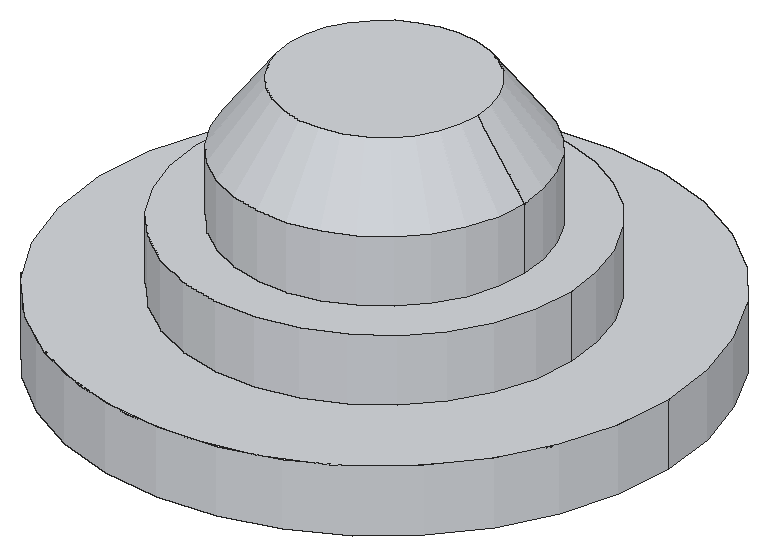
Revit family "c58e077853da456eab3a5dc5bb1b82de", category Fire Alarm Devices, host Face, Revit 2021
Family settings
  Host = Face
  Maintain Annotation Orientation = No
  Round Connector Dimension = Use Diameter
  Part Type = Normal
  OmniClass Number = 23.85.30.21.11.11
  OmniClass Title = Fire/Smoke Detectors
  Seek Item ID = Heat Detector - Line Type-0000-USA-ENU
  Cut with Voids When Loaded = No
  Shared = No
  Room Calculation Point = No
Parameters (values of type "Standard")
  Radius 2 = 0' - 0 3/4"
  Radius 3 = 0' - 1 1/8"
  Radius 1 = 0' - 1 1/2"
  Radius = Diameter * 0.5  # 0' - 2.2793"
  Diameter = 0' - 4 143/256"
  Detector Material = none
  Length 3 = 0' - 0 1/2"
  Length 2 = 0' - 0 1/2"
  Length 1 = 0' - 0 1/2"
  Length = 0' - 2"
  Default Elevation = 4' - 0"
Reference planes (in)
  plane 1 "Center (Front/Back)": y = 0
  plane 2: z = 0
  plane 3 "Center (Left/Right)": x = 0
  plane 4: z = 0.5
  plane 5: z = 2
  plane 6: z = 1.5
  plane 7: z = 1
Forms (in)
  Extrusion 1, solid, material <- "Detector Material"
    sketch origin (0, 0, 0) x (1, 0, 0) y (0, 1, 0)
      loop
        circle (0, 0) r 2.2793
    from 0 to 0.5
  Extrusion 2, solid, material <- "Detector Material"
    sketch origin (0, 0, 0) x (1, 0, 0) y (0, 1, 0)
      loop
        circle (0, 0) r 1.5
    from 0.5 to 1
  Blend 3, solid, material <- "Detector Material"
    base sketch origin (0, 0, 0) x (1, 0, 0) y (0, 1, 0)
      loop
        circle (0, 0) r 1.125
    top sketch origin (0, 0, 0) x (1, 0, 0) y (0, 1, 0)
      loop
        circle (0, 0) r 0.75
    from 1.5 to 2
  Extrusion 4, solid, material <- "Detector Material"
    sketch origin (0, 0, 0) x (1, 0, 0) y (0, 1, 0)
      loop
        circle (0, 0) r 1.125
    from 1 to 1.5
Cuts and joins
  joined: Extrusion 1, Extrusion 2, Blend 3, Extrusion 4
Lines and regions (in)
  symbolic lines, detail levels fine
    curve 1: arc (-2.2793, 0, 0) -> (0, -2.2793, 0) -> (2.2793, 0, 0) r 2.2793
    curve 2: arc (2.2793, 0, 0) -> (0, 2.2793, 0) -> (-2.2793, 0, 0) r 2.2793
    curve 3: arc (1.5, 0, 0) -> (0, 1.5, 0) -> (-1.5, 0, 0) r 1.5
    curve 4: arc (-1.5, 0, 0) -> (0, -1.5, 0) -> (1.5, 0, 0) r 1.5
    curve 5: arc (-1.125, 0, 0) -> (0, -1.125, 0) -> (1.125, 0, 0) r 1.125
    curve 6: arc (1.125, 0, 0) -> (0, 1.125, 0) -> (-1.125, 0, 0) r 1.125
    curve 7: arc (0.75, 0, 0) -> (0, 0.75, 0) -> (-0.75, 0, 0) r 0.75
    curve 8: arc (-0.75, 0, 0) -> (0, -0.75, 0) -> (0.75, 0, 0) r 0.75
Dimensions and locks (in)
  "Length 1": plane 4 to level
  "Length": plane 5 to level
  "Length 2": plane 7 to plane 4
  "Length 3": plane 6 to plane 7
  "Radius": radius of Extrusion 1 sketch curve
  "Radius 1": radius of Extrusion 2 sketch curve
  "Radius 3": radius of Blend 3 sketch curve
  "Radius 2": radius of Blend 3 sketch curve
  "Radius 3": radius of Extrusion 4 sketch curve
  aligned and locked: plane 2 to host face
  aligned and locked: level to host face
  aligned and locked: Extrusion 1 to plane 2
  aligned and locked: plane 4 to Extrusion 1
  aligned and locked: Extrusion 2 to plane 4
  aligned and locked: plane 1 "Center (Front/Back)" to Blend 3 sketch curve  (x2)
  aligned and locked: plane 3 "Center (Left/Right)" to Blend 3 sketch curve  (x2)
  aligned and locked: plane 5 to Blend 3
  aligned and locked: Blend 3 to plane 6
  aligned and locked: Blend 3 to plane 5
  aligned and locked: plane 1 "Center (Front/Back)" to Extrusion 1 sketch curve
  aligned and locked: plane 3 "Center (Left/Right)" to Extrusion 1 sketch curve
  aligned and locked: plane 1 "Center (Front/Back)" to Extrusion 2 sketch curve
  aligned and locked: plane 3 "Center (Left/Right)" to Extrusion 2 sketch curve
  aligned and locked: plane 1 "Center (Front/Back)" to Extrusion 4 sketch curve
  aligned and locked: plane 3 "Center (Left/Right)" to Extrusion 4 sketch curve
  aligned and locked: plane 6 to Extrusion 4
  aligned and locked: plane 7 to cut or joined group of Extrusion 1, Extrusion 2, Blend 3, Extrusion 4  (x2)
  aligned and locked: cut or joined group of Extrusion 1, Extrusion 2, Blend 3, Extrusion 4 to plane 7
  aligned and locked: curve 1 to cut or joined group of Extrusion 1, Extrusion 2, Blend 3, Extrusion 4
  aligned and locked: curve 2 to cut or joined group of Extrusion 1, Extrusion 2, Blend 3, Extrusion 4
  aligned and locked: curve 3 to cut or joined group of Extrusion 1, Extrusion 2, Blend 3, Extrusion 4
  aligned and locked: curve 4 to cut or joined group of Extrusion 1, Extrusion 2, Blend 3, Extrusion 4
  aligned and locked: curve 5 to cut or joined group of Extrusion 1, Extrusion 2, Blend 3, Extrusion 4
  aligned and locked: curve 6 to cut or joined group of Extrusion 1, Extrusion 2, Blend 3, Extrusion 4
  aligned and locked: curve 7 to cut or joined group of Extrusion 1, Extrusion 2, Blend 3, Extrusion 4
  aligned and locked: curve 8 to cut or joined group of Extrusion 1, Extrusion 2, Blend 3, Extrusion 4
  aligned and locked: plane 1 "Center (Front/Back)" to nested 1
  aligned and locked: plane 3 "Center (Left/Right)" to nested 1
Automatic sketch dimensions
  host sketch curve to host sketch curve = 8' - 0"  (x2)
Nested families (in)
  nested 1: "Heat Detector - Line Type Annotation" at (0, 0, 0), type "Heat Detector - Line Type Annotation", detail levels coarse+medium
Connectors (in)
  electrical at (0, 0, 0)
    settings: on Extrusion 1, index 1, voltage 0 V, apparent load 0 VA, apparent load phase1 0 VA, apparent load phase2 0 VA, apparent load phase3 0 VA, power factor 1, load classification "Other", number of poles 1, system type 11, power factor state 1, is connector primary yes, connector utility no, sub classification motor no, connector description ""
Definition of nested family "Heat Detector - Line Type Annotation"
  Parameters
    Label Annotation = ""
  Reference planes (in)
    plane 1: y = 0
    plane 2: x = 0
  Lines and regions (in)
    Filled region 1, type "Filled region 1"
      outline origin (0, 0, 0) x (1, 0, 0) y (0, 1, 0)
        loop
          circle (0, -0.025) r 0.03128
    reference lines
      curve 1: line (-0.59408, 0.0625, 0) -> (1.03342, 0.0625, 0)
      curve 3: line (-0.24455, 0.05, 0) -> (0.32846, 0.05, 0)
      curve 4: line (-0.27428, -0.025, 0) -> (0.40402, -0.025, 0)
      curve 7: line (0.0625, 0, 0) -> (0.0625, -0.19743, 0)
      curve 8: line (0.1875, 0.0244, 0) -> (0.1875, -0.2256, 0)
    detail lines
      curve 2: circle (0, 0, 0) r 0.0625 normal (0, 0, 1)
      curve 5: line (0, 0.05, 0) -> (0, 0, 0)
      curve 6: circle (0, -0.025, 0) r 0.03128 normal (0, 0, 1)
      curve 9: line (0.0625, 0, 0) -> (0.1875, 0, 0)
      curve 10: line (0.1875, 0, 0) -> (0.15705, 0.01169, 0)
      curve 11: line (0.1875, 0, 0) -> (0.15705, -0.01169, 0)
  Dimensions and locks (in)
    locked: plane 1 to curve 1 at 0.0625
    locked: plane 1 to curve 3 at 0.05
    locked: curve 4 to plane 1 at 0.025
    locked: curve 7 to curve 8 at 0.125
    aligned and locked: curve 3 to curve 5
    aligned and locked: plane 1 to curve 5
    aligned and locked: curve 5 to plane 2
    aligned and locked: Filled region 1 sketch curve to curve 6
    aligned and locked: curve 8 to curve 9
    aligned and locked: curve 7 to curve 9
    aligned and locked: plane 1 to curve 9
